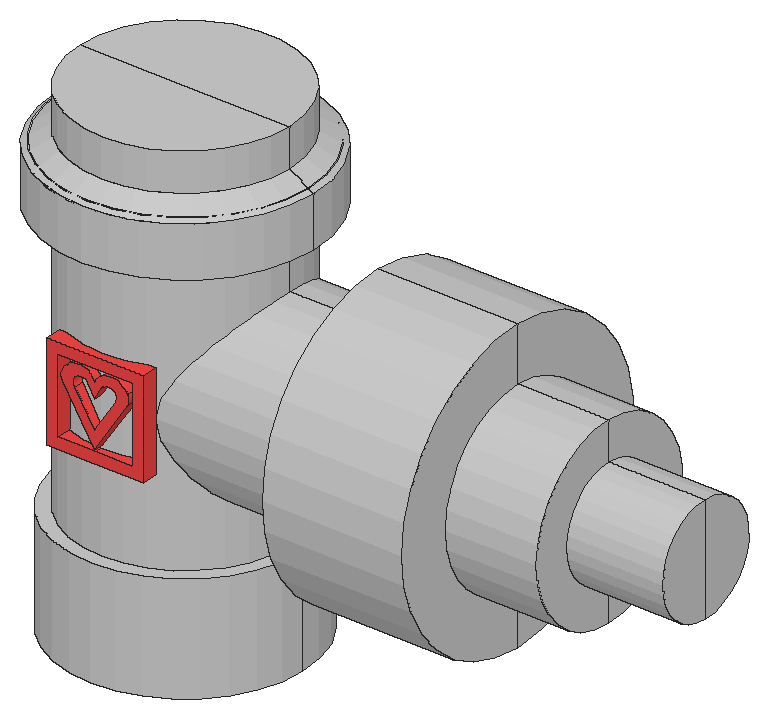
Revit family "RL-5 Return Valve Angle Model 3924", category Rohrzubehör, Revit 2020
Family settings
  Bemaßung runder Anschluss = Durchmesser verwenden
  Teiletyp = Unterbricht
  OmniClass-Nummer = 23.65.55.14
  OmniClass-Titel = Valves for Liquid Services
  Arbeitsebenenbasiert = Nein
  Immer vertikal = Nein
  Beim Laden mit Abzugskörper schneiden = Nein
  Gemeinsam genutzt = Nein
Parameters
  W01 = 120.00°  # constant formula
  Vorgabe-Ansicht = 0.000 mm
  URL = "www.herzvalves.com"
  SCRNSEQ = "ARM;ARM_TYP=\"ALLF\";2"
  SCRNCODE = "05;01;02"  # constant formula
  S04 = 45.000 mm  # constant formula
  S03 [instance] = H02 - 5.000 mm + 41.000 mm  # 54.000 mm
  S02 [instance] = L04 + L03 - L02  # 23.000 mm
  S01 = 10.000 mm  # constant formula
  R04 = 9.750 mm  # constant formula
  R03 = 12.000 mm  # constant formula
  R02 = 9.750 mm  # constant formula
  Part number [instance] = size_lookup("3924_5_", "Artnr", 0, Nennweite)  # 1392400
  Nennweite [instance] = 10.000 mm
  Model = "All models are nickel-plated and are universal models with special socket threaded pipe and compression union."
  Medium = "Hot water quality according to Austrian standard ÖNORM H 5195 and/or VDI guideline 2035."
  Max. operating temperature = 110 °C  # constant formula
  Max. operating pressure = 1000000.0 Pa  # constant formula
  LO1 [instance] = D03 - 0.500 mm  # 11.000 mm
  L04 [instance] = size_lookup("3924_5_", "L4", 1.000 mm, Nennweite)  # 17.500 mm
  L03 [instance] = size_lookup("3924_5_", "L3", 1.000 mm, Nennweite)  # 13.000 mm
  L02 [instance] = size_lookup("3924_5_", "L2", 1.000 mm, Nennweite)  # 7.500 mm
  L01 [instance] = size_lookup("3924_5_", "L1", 1.000 mm, Nennweite)  # 25.500 mm
  Hersteller = "HERZ Armaturen Ges.m.b.H."  # constant formula
  H07 [instance] = H02 - H04  # 13.000 mm
  H06 = 3.500 mm  # constant formula
  H05 = 9.500 mm  # constant formula
  H04 = 5.000 mm  # constant formula
  H03 [instance] = size_lookup("3924_5_", "H3", 1.000 mm, Nennweite)  # 10.000 mm
  H02 [instance] = size_lookup("3924_5_", "H2", 1.000 mm, Nennweite)  # 18.000 mm
  H01 [instance] = size_lookup("3924_5_", "H1", 1.000 mm, Nennweite)  # 22.500 mm
  GT1 [instance] = size_lookup("3924_5_", "GT1", 1.000 mm, Nennweite)  # 9.000 mm
  GT [instance] = size_lookup("3924_5_", "GT", 1.000 mm, Nennweite)  # 10.000 mm
  G2 [instance] = Nennweite / 2  # 5.000 mm
  G1 [instance] = Nennweite / 2  # 5.000 mm
  R01 = 11.000 mm  # constant formula
  D06 [instance] = 8.750 mm  # constant formula
  D05 [instance] = size_lookup("3924_5_", "D5", 1.000 mm, Nennweite)  # 8.500 mm
  D04 [instance] = size_lookup("3924_5_", "D4", 1.000 mm, Nennweite)  # 13.500 mm
  D03 [instance] = 11.500 mm  # constant formula
  D02 [instance] = size_lookup("3924_5_", "D2", 1.000 mm, Nennweite)  # 7.940 mm
  D01 [instance] = size_lookup("3924_5_", "D1", 1.000 mm, Nennweite)  # 11.000 mm
  Body = "nickel-plated"  # constant formula
  Application = "Hot Water Heating Systems\r\nAfter installation of the return valve it is possible to close the radiator return connection.\r\nWhen the intake valve is closed simultaneously (“0“-position for thermostat valves) it is possible to remove the radiator while the heating system remains under pressure.\r\nServicing and working behind the radiator (repapering, laying tiles) is possible without having to switch off the rest of the system.\r\nThe HERZ-RL-5 valve adjusts to allow the exact water quantity to flow through the radiator according to the heat requirements.\r\nThis is recommended particularly in systems equipped with thermostatic valves because lowering the temperature during nighttime becomes fully effective in terms of reducing power input when the water flowquantity is limited and the hydraulic equilibrium of the system is retained.\r\nThe HERZ-RL-5 valve permits filling or draining the radiator or the entire heating system."
Reference planes
  plane 1 "Mitte (Vorne/hinten)": y = 0
  plane 2: z = 0
  plane 3 "Mitte (Links/rechts)": x = 0
Forms (mm)
  Revolve 1, solid, material "Messing, weicher Gelbton, geschweißt", detail levels fine
    sketch origin (0, 0, 0) x (1, 0, 0) y (0, 0, 1)
      loop
        line (0, 18) -> (-11.5, 18) -> (-11.5, 13) -> (-9.75, 13) -> (-9.75, -12.5) -> (-11, -12.5) -> (-11, -22.5) -> (-5, -22.5) -> (-5, -12.5) -> (0, -12.5) -> (0, 18)
      axis (0, 18) -> (0, -22.5)
    angle from 0 to 360
  Revolve 2, solid, material "Messing, weicher Gelbton, geschweißt", detail levels fine
    sketch origin (0, 0, 0) x (1, 0, 0) y (0, 0, 1)
      loop
        line (0, 0) -> (25.5, 0) -> (25.5, 7.94) -> (18, 7.94) -> (18, 8.75) -> (0, 8.75) -> (0, 0)
      axis (0, 0) -> (25.5, 0)
    angle from 0 to 360
  Revolve 3, solid, material "Messing, weicher Gelbton, geschweißt", detail levels fine
    sketch origin (-1, 0, 0) x (1, 0, 0) y (0, 0, 1)
      loop
        line (26.5, 0) -> (49.5, 0) -> (49.5, 5) -> (40.5, 5) -> (40.5, 8.5) -> (32, 8.5) -> (32, 13.5) -> (19, 13.5) -> (19, 7.94) -> (26.5, 7.94) -> (26.5, 0)
      axis (19, 0) -> (49.5, 0)
    angle from 0 to 360
  Revolve 4, solid, material "Messing, weicher Gelbton, geschweißt", detail levels fine
    sketch origin (0, 0, 1.5) x (1, 0, 0) y (0, 0, 1)
      loop
        line (0, 11.5) -> (12, 11.5) -> (12, 16.201) -> (9.75, 17.5) -> (9.75, 21) -> (0, 21) -> (0, 11.5)
      axis (0, 21) -> (0, 11.5)
    angle from 0 to 360
Lines and regions (mm)
  model lines, detail levels coarse+medium
    curve 1: line (0, 0, 0) -> (11, 0, -22.5)
    curve 2: line (11, 0, -22.5) -> (-11, 0, -22.5)
    curve 3: line (-11, 0, -22.5) -> (0, 0, 0)
    curve 4: line (0, 0, 0) -> (25.5, 0, 13.5)
    curve 5: line (25.5, 0, 13.5) -> (25.5, 0, -13.5)
    curve 6: line (25.5, 0, -13.5) -> (0, 0, 0)
    curve 7: line (25.5, 0, 13.5) -> (35.5, 0, 13.5)
    curve 8: line (35.5, 0, 13.5) -> (25.5, 0, 0)
    curve 9: line (25.5, 0, -13.5) -> (35.5, 0, -13.5)
    curve 10: line (35.5, 0, -13.5) -> (25.5, 0, 0)
    curve 11: line (25.5, 0, 0) -> (48.5, 0, 0)
    curve 12: line (0, 0, 0) -> (11, -22.5, 0)
    curve 13: line (11, -22.5, 0) -> (-11, -22.5, 0)
    curve 14: line (-11, -22.5, 0) -> (0, 0, 0)
    curve 15: line (0, 0, 0) -> (25.5, 13.5, 0)
    curve 16: line (25.5, 13.5, 0) -> (25.5, -13.5, 0)
    curve 17: line (25.5, -13.5, 0) -> (0, 0, 0)
    curve 18: line (25.5, 13.5, 0) -> (35.5, 13.5, 0)
    curve 19: line (35.5, 13.5, 0) -> (25.5, 0, 0)
    curve 20: line (25.5, -13.5, 0) -> (35.5, -13.5, 0)
    curve 21: line (25.5, 0, 0) -> (35.5, -13.5, 0)
Dimensions and locks
  "H02": Revolve 1 sketch curve to plane 2
  "H01": plane 2 to Revolve 1 sketch curve
  "G1": Revolve 1 sketch curve to Revolve 1 sketch curve
  "D01": Revolve 1 sketch curve to Revolve 1 sketch curve
  "GT": Revolve 1 sketch curve to Revolve 1 sketch curve
  "H03": Revolve 1 sketch curve to Revolve 1 sketch curve
  "D02": Revolve 2 sketch curve to Revolve 2 sketch curve
  "D06": Revolve 2 sketch curve to Revolve 2 sketch curve
  "L02": Revolve 2 sketch curve to Revolve 2 sketch curve
  "R02": nested 1 to plane 1 "Mitte (Vorne/hinten)"
  "L02": Revolve 3 sketch curve to Revolve 3 sketch curve
  "L03": Revolve 3 sketch curve to Revolve 3 sketch curve
  "L04": Revolve 3 sketch curve to Revolve 3 sketch curve
  "D04": Revolve 3 sketch curve to Revolve 3 sketch curve
  "G2": Revolve 3 sketch curve to Revolve 3 sketch curve
  "D05": Revolve 3 sketch curve to Revolve 3 sketch curve
  "GT1": Revolve 3 sketch curve to Revolve 3 sketch curve
  "L01": plane 3 "Mitte (Links/rechts)" to Revolve 3 sketch curve
  "D02": Revolve 3 sketch curve to plane 2
  "H01": plane 2 to curve 2
  "L01": curve 5 to plane 3 "Mitte (Links/rechts)"
  "D01": curve 2 to plane 3 "Mitte (Links/rechts)" to curve 3
  "D04": curve 5 to plane 2 to curve 6
  "S01": curve 5 to curve 8
  "S01": curve 5 to curve 10
  "S02": curve 11 to curve 11
  "H01": curve 13 to plane 1 "Mitte (Vorne/hinten)"
  "D01": curve 14 to plane 3 "Mitte (Links/rechts)" to curve 13
  "L01": plane 3 "Mitte (Links/rechts)" to curve 16
  "D04": curve 17 to plane 1 "Mitte (Vorne/hinten)" to curve 16
  "S01": curve 16 to curve 19
  "S01": curve 16 to curve 21
  "R02": Revolve 1 sketch curve to Revolve 1 sketch curve
  "D03": Revolve 1 sketch curve to Revolve 1 sketch curve
  "H04": Revolve 1 sketch curve to Revolve 1 sketch curve
  "L01": Revolve 2 sketch curve to plane 3 "Mitte (Links/rechts)"
  "H05": Revolve 4 sketch curve to Revolve 4 sketch curve
  "R04": Revolve 4 sketch curve to Revolve 4 sketch curve
  "R03": Revolve 4 sketch curve to Revolve 4 sketch curve
  "H06": Revolve 4 sketch curve to Revolve 4 sketch curve
  "H07": Revolve 4 sketch curve to plane 2
  "W01": angle Revolve 4 sketch curve to Revolve 4 sketch curve
  aligned and locked: level to plane 2
Automatic sketch dimensions
  curve 4 to level = 0.000 mm
  curve 4 to plane 3 "Mitte (Links/rechts)" = 0.000 mm
  curve 11 to level = 0.000 mm
  curve 8 to level = 0.000 mm
  plane 1 "Mitte (Vorne/hinten)" to curve 14 = 0.000 mm
  curve 14 to plane 3 "Mitte (Links/rechts)" = 0.000 mm
  plane 1 "Mitte (Vorne/hinten)" to curve 19 = 0.000 mm
  Revolve 1 sketch curve to plane 3 "Mitte (Links/rechts)" = 0.000 mm  (x2)
  Revolve 1 sketch curve to Revolve 1 sketch curve = 345.545 mm
  Revolve 1 sketch curve to Revolve 1 sketch curve = 2189.815 mm
  Revolve 2 sketch curve to level = 0.000 mm  (x2)
  Revolve 2 sketch curve to plane 3 "Mitte (Links/rechts)" = 0.000 mm
  Revolve 2 sketch curve to plane 3 "Mitte (Links/rechts)" = 9.500 mm
  Revolve 2 sketch curve to Revolve 2 sketch curve = 1815.148 mm
  Revolve 3 sketch curve to level = 0.000 mm  (x2)
  Revolve 3 sketch curve to plane 3 "Mitte (Links/rechts)" = 1507.530 mm
  Revolve 3 sketch curve to Revolve 3 sketch curve = 1789.648 mm
  Revolve 4 sketch curve to plane 3 "Mitte (Links/rechts)" = 0.000 mm  (x2)
  Revolve 4 sketch curve to level = 364.545 mm
  Revolve 4 sketch curve to Revolve 4 sketch curve = 2188.615 mm
Nested families
  nested 1: "Herz-Logo-vorne" at (0, -9.75, 0) x (0, -1, 0) z (0, 0, 1), type "Herz-Logo-vorne", detail levels fine
Connectors
  piping at (0, 0, -12.5), diameter 10, driven by "Nennweite"
    settings: on Revolve 1, index 1, connector inside diameter 609.6 mm, connector length 0.000 mm, flow factor 0, pipe flow 0.0 L/s, pressure drop 0.0 Pa, fitting loss kfactor 0, connector angle 0.00°, fixture units 0, engagement length 0.000 mm, angle of deflection 0.00°, flow configuration 0, flow direction 1, fitting loss method 0, system type 8, joint type 0, gender type 0, connector reference index -1, connector utility 0, adjustable connector no, is connector primary yes, connector description ""
  piping at (48.5, 0, 0), diameter 10, driven by "Nennweite"
    settings: on Revolve 3, index 2, connector inside diameter 609.6 mm, connector length 0.000 mm, flow factor 0, pipe flow 0.0 L/s, pressure drop 0.0 Pa, fitting loss kfactor 0, connector angle 0.00°, fixture units 0, engagement length 0.000 mm, angle of deflection 0.00°, flow configuration 0, flow direction 2, fitting loss method 0, system type 8, joint type 0, gender type 0, connector reference index -1, connector utility 0, adjustable connector no, is connector primary no, connector description ""
Definition of nested family "Herz-Logo-vorne"
  Parameters (values of type "Herz-Logo-vorne")
    Default Elevation = 0.000 mm
  Reference planes
    plane 1 "Mitte (Vorne/hinten)": y = 0
    plane 2: z = 0
    plane 3 "Mitte (Links/rechts)": x = 0
  Forms (mm)
    Extrusion 1, solid
      sketch origin (0.732, -0.018, 0.017) x (0, -1, 0) y (0, 0, 1)
        loop
          line (-0.018, -4.517) -> (4.482, -4.517) -> (4.482, 4.483) -> (-4.518, 4.483) -> (-4.518, -4.517) -> (-0.018, -4.517)
        loop
          line (-0.05, -3.48) -> (3.482, -3.48) -> (3.482, 3.483) -> (-3.518, 3.483) -> (-3.518, -3.48) -> (-0.05, -3.48)
        loop
          arc (-0.018, 2.383) -> (-1.543, 3.287) -> (-3.067, 2.383) r 1.738
          arc (-3.067, 2.383) -> (-3.191, 1.899) -> (-3.067, 1.415) r 1.009
          line (-3.067, 1.415) -> (-0.018, -3.281) -> (3.032, 1.415)
          arc (3.032, 1.415) -> (3.156, 1.899) -> (3.032, 2.383) r 1.009
          arc (3.032, 2.383) -> (1.507, 3.287) -> (-0.018, 2.383) r 1.738
        loop
          arc (1.885, 1.272) -> (2.005, 1.675) -> (1.885, 2.079) r 0.74
          arc (1.885, 2.079) -> (1.265, 2.416) -> (0.644, 2.079) r 0.74
          line (0.644, 2.079) -> (-0.018, 0.97) -> (-0.679, 2.079)
          arc (-0.679, 2.079) -> (-1.3, 2.416) -> (-1.921, 2.079) r 0.74
          arc (-1.921, 2.079) -> (-2.04, 1.675) -> (-1.921, 1.272) r 0.74
          line (-1.921, 1.272) -> (-0.018, -1.658) -> (1.885, 1.272)
      from 0 to 1.5
  Dimensions and locks
    aligned and locked: level to plane 2
